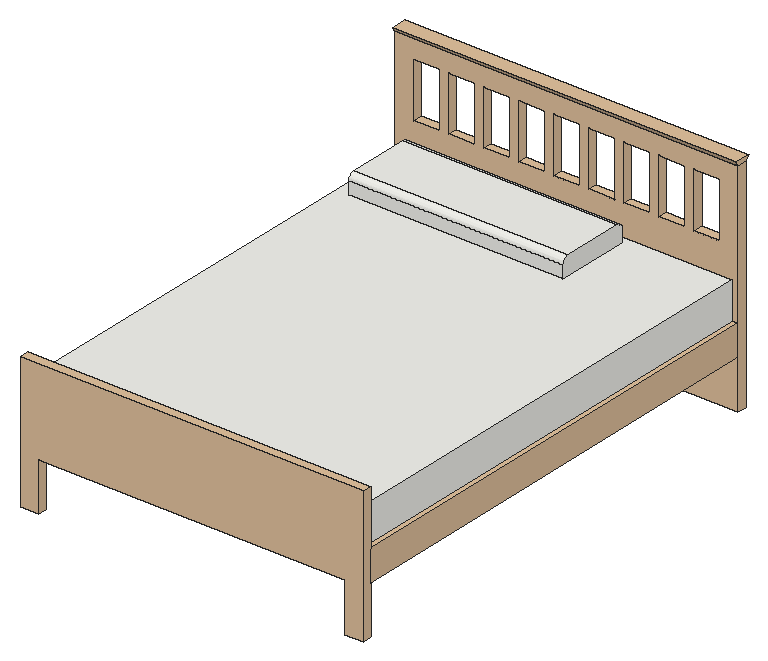
Revit family
Parameters (values of type "1422 x 1981mm - Double")
  Material Frame = Wood - Birch
  Length = 1981.20 mm
  Material Mattress = Textile - White
  Width = 1422.40 mm
  Keynote = "N"
Types (5, lengths in mm): name | Length | Width
  (no name) | 1981.20 | 1422.40
  1422 x 1981mm - Double | 1981.20 | 1422.40
  1040 x 1981mm - Twin | 1981.20 | 1041.40
  1575 x 2108mm - Queen | 2108.20 | 1574.80
  1981 x 2108mm - King | 2108.20 | 1981.20
Reference planes
  plane 1 "Back": y = 0
  plane 2: z = 0
  plane 3 "Center (Left/Right)": x = -19.05
  plane 4: x = -730.25
  plane 5: x = 692.15
  plane 6 "Front": y = -1981.2
  plane 7: z = 914.4
  plane 8: z = 482.6
  plane 9: x = 654.05
Forms (mm)
  Extrusion 1, solid, material "Wood - Birch" <- "Material Frame"
    sketch origin (0, 0, 0) x (1, 0, 0) y (0, 0, 1)
      loop
        line (-730.037, 914.4) -> (-730.037, 0) -> (-654.05, 0) -> (-654.05, 203.2) -> (234.95, 203.2) -> (234.95, 0) -> (692.417, 0) -> (692.417, 914.4) -> (-730.037, 914.4)
      loop
        line (-654.05, 838.2) -> (-654.05, 609.6) -> (-546.806, 609.6) -> (-546.806, 838.2) -> (-654.05, 838.2)
      loop
        line (-508.706, 838.2) -> (-508.706, 609.6) -> (-401.461, 609.6) -> (-401.461, 838.2) -> (-508.706, 838.2)
      loop
        line (-363.361, 838.2) -> (-363.361, 609.6) -> (-256.117, 609.6) -> (-256.117, 838.2) -> (-363.361, 838.2)
      loop
        line (-218.017, 838.2) -> (-218.017, 609.6) -> (-110.772, 609.6) -> (-110.772, 838.2) -> (-218.017, 838.2)
      loop
        line (72.672, 838.2) -> (72.672, 609.6) -> (179.917, 609.6) -> (179.917, 838.2) -> (72.672, 838.2)
      loop
        line (218.017, 838.2) -> (218.017, 609.6) -> (325.261, 609.6) -> (325.261, 838.2) -> (218.017, 838.2)
      loop
        line (363.361, 838.2) -> (363.361, 609.6) -> (470.606, 609.6) -> (470.606, 838.2) -> (363.361, 838.2)
      loop
        line (508.706, 838.2) -> (508.706, 609.6) -> (615.95, 609.6) -> (615.95, 838.2) -> (508.706, 838.2)
      loop
        line (-72.672, 838.2) -> (-72.672, 609.6) -> (34.572, 609.6) -> (34.572, 838.2) -> (-72.672, 838.2)
    from 0 to 38.1
  Extrusion 2, solid, material "Wood - Birch" <- "Material Frame"
    sketch origin (0, -1981.2, 0) x (1, 0, 0) y (0, 0, 1)
      loop
        line (-730.25, 0) -> (-654.05, 0) -> (-654.05, 203.2) -> (615.95, 203.2) -> (615.95, 0) -> (692.15, 0) -> (692.15, 558.8) -> (-730.25, 558.8) -> (-730.25, 0)
    from 0 to -38.1
  Extrusion 3, solid, material "Wood - Birch" <- "Material Frame"
    sketch origin (0, 0, 0) x (0, -1, 0) y (0, 0, 1)
      loop
        line (38.1, 203.576) -> (1943.1, 203.576) -> (1943.1, 330.576) -> (38.1, 330.576) -> (38.1, 203.576)
    from 704.85 to 730.25
  Extrusion 4, solid, material "Wood - Birch" <- "Material Frame"
    sketch origin (692.15, 0, 0) x (0, -1, 0) y (0, 0, 1)
      loop
        line (1943.1, 203.099) -> (1943.1, 330.099) -> (38.1, 330.099) -> (38.1, 203.099) -> (1943.1, 203.099)
    from 0 to 25.4
  Extrusion 5, solid, material "Textile - White" <- "Material Mattress"
    sketch origin (0, 0, 0) x (1, 0, 0) y (0, 1, 0)
      loop
        line (-704.85, -38.1) -> (-704.85, -1943.1) -> (666.75, -1943.1) -> (666.75, -38.1) -> (-704.85, -38.1)
    from 228.6 to 482.6
  Extrusion 6, solid, material "Textile - White" <- "Material Mattress"
    sketch origin (-730.25, 0, 0) x (0, -1, 0) y (0, 0, 1)
      loop
        line (68.449, 482.6) -> (373.249, 482.6) -> (373.249, 533.4)
        arc (373.249, 533.4) -> (365.809, 551.361) -> (347.849, 558.8) r 25.4
        line (347.849, 558.8) -> (93.849, 558.8)
        arc (93.849, 558.8) -> (75.888, 551.361) -> (68.449, 533.4) r 25.4
        line (68.449, 533.4) -> (68.449, 482.6)
    from -965.2 to -76.2
  Sweep 7, solid, material "Wood - Birch" <- "Material Frame"
    path origin (0, 0, 0) x (1, 0, 0) y (0, 1, 0)
      loop
        line (-730.037, 0) -> (692.417, 0)
    profile origin (-18.81, 0, 0) x (0, 1, 0) y (0, 0, 1)
      loop
        line (0, 914.4) -> (13.855, 933.45) -> (-51.955, 933.45) -> (-38.1, 914.4) -> (0, 914.4)
Lines and regions (mm)
  Masking region 1
    outline origin (0, 0, 0) x (1, 0, 0) y (0, 1, 0)
      loop
        line (-730.25, 0) -> (-730.25, -1981.2) -> (692.15, -1981.2) -> (692.15, 0) -> (-730.25, 0)
  symbolic lines
    curve 1: line (692.15, -1981.2, 0) -> (-730.037, -1981.2, 0)
    curve 2: line (692.15, 0, 0) -> (692.15, -1981.2, 0)
    curve 3: line (-730.037, 0, 0) -> (692.15, 0, 0)
    curve 4: line (-730.037, -1981.2, 0) -> (-730.037, 0, 0)
    curve 5: line (692.15, -1943.1, 0) -> (-730.037, -1943.1, 0)
    curve 6: line (692.15, -51.955, 0) -> (-730.037, -51.955, 0)
    curve 7: line (615.95, -373.249, 0) -> (-654.05, -373.249, 0)
    curve 8: line (615.95, -68.449, 0) -> (615.95, -373.249, 0)
    curve 9: line (-654.05, -68.449, 0) -> (615.95, -68.449, 0)
    curve 10: line (-654.05, -373.249, 0) -> (-654.05, -68.449, 0)
Dimensions and locks
  equal spacing: plane 4, plane 3 "Center (Left/Right)", plane 5
  "Width": plane 4 to plane 5
  "Length": plane 6 "Front" to plane 1 "Back"
  locked: Extrusion 1 sketch curve to Extrusion 1 sketch curve at 75.987
  locked: Extrusion 1 sketch curve to Extrusion 1 sketch curve at 38.1  (x8)
  plane 2 to plane 7 = 914.40 mm
  Extrusion 1 to plane 1 "Back" = 38.10 mm
  locked: Extrusion 3 to plane 4 at 25.4  (x2)
  locked: plane 6 "Front" to Extrusion 3 sketch curve at 38.1
  locked: Extrusion 3 sketch curve to plane 1 "Back" at 38.1
  locked: plane 6 "Front" to Extrusion 4 sketch curve at 38.1
  locked: Extrusion 4 sketch curve to plane 1 "Back" at 38.1
  locked: Extrusion 4 to Extrusion 4 at 25.4
  locked: Extrusion 4 to plane 5 at 25.4
  locked: Extrusion 5 sketch curve to Extrusion 1 at 38.1
  locked: plane 6 "Front" to Extrusion 5 sketch curve at 38.1
  equal spacing: Extrusion 1 sketch curve, plane 3 "Center (Left/Right)", Extrusion 1 sketch curve
  equal spacing: plane 9, Extrusion 1 sketch curve, Extrusion 1 sketch curve, Extrusion 1 sketch curve, Extrusion 1 sketch curve, Extrusion 1 sketch curve, Extrusion 1 sketch curve, Extrusion 1 sketch curve, Extrusion 1 sketch curve, Extrusion 1 sketch curve
  locked: plane 9 to plane 5 at 38.1
  locked: plane 5 to Extrusion 1 sketch curve at 76.2
  aligned and locked: plane 7 to Extrusion 1 sketch curve
  aligned and locked: plane 4 to Extrusion 2 sketch curve
  aligned and locked: Extrusion 2 sketch curve to plane 5
  aligned and locked: plane 4 to Extrusion 3
  aligned and locked: Extrusion 1 to Extrusion 6
  aligned and locked: Extrusion 6 to Extrusion 1
  aligned and locked: Sweep 7 sketch curve to Extrusion 1  (x3)
Automatic sketch dimensions
  Extrusion 1 sketch curve to level = 0.00 mm  (x2)
  Extrusion 1 sketch curve to plane 4 = 76.20 mm
  plane 5 to Extrusion 1 sketch curve = 457.20 mm
  level to Extrusion 1 sketch curve = 203.20 mm
  level to Extrusion 1 sketch curve = 609.60 mm
  Extrusion 1 sketch curve to Extrusion 1 sketch curve = 0.00 mm  (x12)
  Extrusion 1 sketch curve to Extrusion 1 sketch curve = 304.80 mm  (x2)
  plane 7 to Extrusion 1 sketch curve = 76.20 mm  (x3)
  Extrusion 1 sketch curve to plane 5 = 0.267 mm
  Extrusion 2 sketch curve to level = 0.00 mm  (x2)
  Extrusion 2 sketch curve to plane 4 = 76.20 mm
  Extrusion 2 sketch curve to Extrusion 2 sketch curve = 76.20 mm
  level to Extrusion 2 sketch curve = 203.20 mm
  Extrusion 2 sketch curve to Extrusion 2 sketch curve = 355.60 mm
  level to Extrusion 3 sketch curve = 203.576 mm
  Extrusion 3 sketch curve to Extrusion 3 sketch curve = 127.00 mm
  level to Extrusion 4 sketch curve = 203.099 mm
  Extrusion 4 sketch curve to Extrusion 4 sketch curve = 127.00 mm
  Extrusion 5 sketch curve to plane 4 = 25.40 mm
  plane 5 to Extrusion 5 sketch curve = 25.40 mm
  Sweep 7 sketch curve to profile plane = 0.00 mm
  profile plane to Sweep 7 sketch curve = 38.10 mm
  Sweep 7 sketch curve to Sweep 7 sketch curve = 13.855 mm
  Sweep 7 sketch curve to profile plane = 13.855 mm
  level to Sweep 7 sketch curve = 914.40 mm
  Sweep 7 sketch curve to Sweep 7 sketch curve = 19.05 mm
  Extrusion 6 sketch curve to plane 8 = 0.00 mm
  plane 1 "Back" to Extrusion 6 sketch curve = 68.449 mm
  Extrusion 6 sketch curve to Extrusion 6 sketch curve = 25.40 mm  (x2)
  plane 8 to Extrusion 6 sketch curve = 50.80 mm
  Extrusion 6 sketch curve to Extrusion 6 sketch curve = 254.00 mm
  curve 1 to plane 6 "Front" = 0.00 mm
  curve 3 to plane 1 "Back" = 0.00 mm
  curve 2 to plane 5 = 0.00 mm
  plane 5 to curve 8 = 76.20 mm
  curve 7 to plane 4 = 76.20 mm
  curve 4 to plane 4 = 0.213 mm
  curve 5 to plane 6 "Front" = 38.10 mm
  plane 1 "Back" to curve 7 = 373.249 mm
  plane 1 "Back" to curve 9 = 68.449 mm
  curve 6 to curve 3 = 51.955 mm
  Masking region 1 sketch curve to plane 4 = 0.00 mm
  Masking region 1 sketch curve to plane 5 = 0.00 mm
  Masking region 1 sketch curve to plane 6 "Front" = 0.00 mm
  Masking region 1 sketch curve to plane 1 "Back" = 0.00 mm
